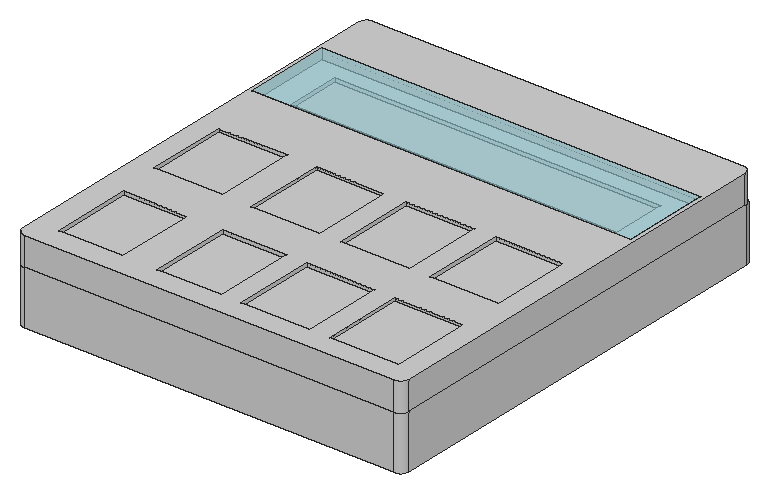
Revit family "Building-QuadriIEC309-GEWISS-68QDIN-QUADRI-PRESE-20MOD_8PRESE", category Apparecchi elettrici, host Superficie, Revit 2019
Family settings
  Host = Superficie
  Mantenere orientamento annotazione = Sì
  Quota connettore circolare = Usa diametro
  Tipo di parte = Normale
  Taglio con vuoti quando caricato = No
  Condiviso = No
  Punto di calcolo locali = Sì
Parameters (values of type "GW68013N - Q-DIN 20M 8FLANGE PR.16/32A IP65")
  visibilita posizionamento 2d [instance] = yes
  simbolo 2d [instance] = yes
  oggetto in pianta [instance] = not(visibilita posizionamento 2d)  # no
  distanza_simbolo [instance] = 0.1 mm
  bordo acceso [instance] = yes
  Visibilità sportello [instance] = yes
  Versione file RFA = "21.5"
  VETRO = Vetro
  URL = "https://www.gewiss.com/it/it"
  Tipologia di installazione = "Da parete"
  Tipo versione = "Vuoto"
  Termopressione con biglia = "70 °C"
  Temperatura di utilizzo = "-25 +40 °C"
  Spostamento_effettivo_S [instance] = 4000 mm - Spostamento_S  # 3000 mm
  Spostamento_S = 1000 mm
  Simbolo_quadro [instance] = not(simbolo 2d)  # no
  Scheda Tecnica = "https://www.gewiss.com/it/it/search?q=GW68013N"
  STRUTTURA ALTA = Poche
  STRUTTURA = RAL - 7035
  SEO = "Quadretto"
  Resistenza agli urti = "IK08"
  Default Elevation = 1219.2 mm
  Produttore = "GEWISS S.p.A."
  Potenza dissipabile B (W) = "92"
  Potenza dissipabile A (W) = "30"
  PRESA = rosso
  POMELLO = bianco
  N_Moduli = 20 mm
  N. prese alloggiabili = "8 IEC 309 16/32 A IP44/67"
  N. mod. EN 50022 = "20"
  N. coperchi ciechi in dotazione = "2 IEC 16/32 A"
  Modello = "GW68013N"
  L_Moduli = N_Moduli * 19  # 380 mm
  Immagine tipo = GW68013N.jpg
  IDT = "3b58a0f8-96cf-43f3-8e98-bcad634a41cb"
  IDF = "d9efa6a9-06b7-4b9e-bedb-9bde757b1bb5"
  Grado di protezione = "IP65"
  Glow Wire Test = "650°C"
  Descrizione = "Q-DIN 20M 8FLANGE PR.16/32A IP65"
  Creato da GEWISS S.p.A. = ""
  ConformitÃ  normativa = "EN 60208 - EN 60670-1 - IEC 60670-24"
  Colore = "Grigio RAL 7035"
  Codice Electrocod = "2242"
  Codice EAN = "8011564744905"
  Classe isolamento = "II"
  Catalogo Serie = "68 QDIN"
  Catalogo = "BUILDING"
  COBie.Tagnumber = ""
  COBie.CreatedOn = ""
  COBie.CreatebBy = ""
  COBie.ComponentRegisterItemID = ""
  COBie.Component.TagNumber = ""
  COBie.Component.Space = ""
  COBie.Component.SerialNumber = ""
  COBie.Component.InstallationDate = ""
  COBie.Component.Description = ""
  COBie.Component.BarCode = ""
Reference planes
  plane 1 "Centro (Fronte/Retro)": y = 0
  plane 2: z = 0
  plane 3 "Centro (Sinistra/Destra)": x = 0
  plane 4: x = -3000
  plane 5: x = 0
Forms (mm)
  Extrusion 1, solid, detail levels coarse
    sketch origin (0, 0, 0) x (1, 0, 0) y (0, 1, 0)
      loop
        line (-225, 0) -> (225, 0) -> (225, 509) -> (-225, 509) -> (-225, 0)
    from 0 to 96
Lines and regions (mm)
  Masking region 1, visible <- "visibilita posizionamento 2d"
    outline origin (0, 0, 0) x (1, 0, 0) y (0, 0, 1)
      loop
        line (-225, 0) -> (223.1, 0) -> (223.1, 96) -> (-225, 96) -> (-225, 0)
Dimensions and locks
  plane 4 to plane 3 "Centro (Sinistra/Destra)" = 3000 mm
  "Spostamento_effettivo_S": plane 4 to plane 5
  plane 3 "Centro (Sinistra/Destra)" to Extrusion 1 = 225 mm
  aligned and locked: plane 2 to host face
  aligned and locked: level to host face
  aligned and locked: nested 1 to plane 5
  aligned and locked: nested 3 to plane 5
  aligned and locked: nested 2 to plane 5
  aligned and locked: plane 1 "Centro (Fronte/Retro)" to nested 2
  aligned and locked: plane 3 "Centro (Sinistra/Destra)" to nested 2
  aligned and locked: Masking region 1 to nested 2  (x2)
Automatic sketch dimensions
  host sketch curve to host sketch curve = 2438.4 mm  (x2)
  Masking region 1 sketch curve to level = 0 mm
  Masking region 1 sketch curve to plane 3 "Centro (Sinistra/Destra)" = 225 mm
  plane 3 "Centro (Sinistra/Destra)" to Masking region 1 sketch curve = 223.1 mm
  Masking region 1 sketch curve to Masking region 1 sketch curve = 96 mm
  plane 1 "Centro (Fronte/Retro)" to Extrusion 1 sketch curve = 0 mm
  Extrusion 1 sketch curve to plane 3 "Centro (Sinistra/Destra)" = 225 mm
  plane 3 "Centro (Sinistra/Destra)" to Extrusion 1 sketch curve = 225 mm
  Extrusion 1 sketch curve to Extrusion 1 sketch curve = 509 mm
Nested families
  nested 1: "CENTRALINO" at (0, 737.795, 0), BORDO ACCESO <- "bordo acceso", SIMBOLO ACCESO <- "simbolo 2d", Distanza dal muro <- "distanza_simbolo", visible <- "simbolo 2d", type "CENTRALINO"
    with SIMBOLO ACCESO yes, Distanza dal muro 0.1 mm, BORDO ACCESO yes
  nested 2: "68QDIN20 QUADRO DISTRIBUZ X 8 PRESE IND_BASE" at (0, 317, 0), Visibilita sportello <- "Visibilità sportello", type "68QDIN20 QUADRO DISTRIBUZ X 8 PRESE IND_BASE", detail levels medium+fine
  nested 3: "simb_CENTRALINO_BASE_cad pro" at (0, 737.795, 0), Distanza dal muro <- "distanza_simbolo", visible <- "Simbolo_quadro", SIMBOLO ACCESO <- "Simbolo_quadro", type "simb_CENTRALINO_BASE_cad pro"
    with SIMBOLO ACCESO no, Distanza dal muro 0.1 mm, BORDO ACCESO yes
Definition of nested family "68QDIN20 QUADRO DISTRIBUZ X 8 PRESE IND_BASE"
  Parameters (values of type "68QDIN20 QUADRO DISTRIBUZ X 8 PRESE IND_BASE")
    n_moduli = 380 mm
    h_moduli = 64 mm
    Visibilita sportello [instance] = yes
    Vetro = none
    Struttura = none
    Spessore = 96 mm
    Default Elevation = 14 mm
    Presa = none
    Larghezza = 450 mm
    IFC.TypeObject = ""
    IFC.ExportType = ""
    IFC.ExportAs = ""
    H_da terra = 589.057 mm
    COBie.CreatedOn = ""
    COBie.CreatebBy = ""
    COBie.ComponentRegisterItemID = ""
    COBie.Component.TagNumber = ""
    COBie.Component.Space = ""
    COBie.Component.SerialNumber = ""
    COBie.Component.InstallationDate = ""
    COBie.Component.Description = ""
    COBie.Component.BarCode = ""
    Altezza scatole = 350 mm
    Altezza quadro = 150 mm
    Altezza = 258 mm
  Reference planes
    plane 1 "Centro (Fronte/Retro)": y = 0
    plane 2: z = 0
    plane 3 "Centro (Sinistra/Destra)": x = 0
    plane 4: z = 69.589
    plane 5: z = 115.626
    plane 6: z = 63
    plane 7: x = -225
    plane 8: x = 225
    plane 9: x = -221
    plane 10: x = 221
    plane 11: y = 123.21
    plane 12: y = 21.246
    plane 13: y = 0
    plane 14: y = -146
    plane 15: y = -51
    plane 16: y = -317
    plane 17: y = 192
    plane 18: z = 58
    plane 19: y = 103
    plane 20: y = 39
    plane 21: z = 92.059
    plane 22: z = 96
    plane 23 "posizionamento moduli": z = 84.734
    plane 24: z = 80.558
    plane 25: y = 71
    plane 26: x = 223.1
    plane 27: y = -196.2
    plane 28: x = -206
    plane 29: x = 206
    plane 30: x = 201
    plane 31: y = -291.2
    plane 32: x = -190
    plane 33: x = 190
  Forms (mm)
    Extrusion 1, solid, material <- "Struttura"
      sketch origin (0, -857.311, 0) x (1, 0, 0) y (0, 1, 0)
        loop
          arc (-215, 1049.311) -> (-222.071, 1046.382) -> (-225, 1039.311) r 10
          line (-225, 1039.311) -> (-225, 550.311)
          arc (-225, 550.311) -> (-222.071, 543.24) -> (-215, 540.311) r 10
          line (-215, 540.311) -> (215, 540.311)
          arc (215, 540.311) -> (222.071, 543.24) -> (225, 550.311) r 10
          line (225, 550.311) -> (225, 1039.311)
          arc (225, 1039.311) -> (222.071, 1046.382) -> (215, 1049.311) r 10
          line (215, 1049.311) -> (-215, 1049.311)
      from 63 to 96
    Extrusion 2, solid, material <- "Struttura"
      sketch origin (0, -857.311, 0) x (1, 0, 0) y (0, 1, 0)
        loop
          line (217.45, 1049.311) -> (-221.38, 1049.311)
          arc (-221.38, 1049.311) -> (-223.94, 1048.251) -> (-225, 1045.691) r 3.62
          line (-225, 1045.691) -> (-225, 550.311)
          arc (-225, 550.311) -> (-222.071, 543.24) -> (-215, 540.311) r 10
          line (-215, 540.311) -> (215, 540.311)
          arc (215, 540.311) -> (222.071, 543.24) -> (225, 550.311) r 10
          line (225, 550.311) -> (225, 1041.76)
          arc (225, 1041.76) -> (222.789, 1047.099) -> (217.45, 1049.311) r 7.55
      from 0 to 63
    Extrusion 3, void
      sketch origin (0, -857.311, 0) x (1, 0, 0) y (0, 1, 0)
        loop
          line (-221, 980.52) -> (-221, 878.557) -> (221, 878.557) -> (221, 980.52) -> (-221, 980.52)
      from 69.589 to 96
    Extrusion 4, solid, material <- "Vetro", visible <- "Visibilita sportello", detail levels fine
      sketch origin (0, -857.311, 0) x (1, 0, 0) y (0, 1, 0)
        loop
          line (-221, 980.52) -> (-221, 878.557) -> (221, 878.557) -> (221, 980.52) -> (-221, 980.52)
      from 92.059 to 96
    Extrusion 5, void
      sketch origin (0, 0, 0) x (1, 0, 0) y (0, 1, 0)
        loop
          line (-190, 39) -> (190, 39) -> (190, 103) -> (-190, 103) -> (-190, 39)
      from 80.558 to 84.734
    Extrusion 6, solid
      sketch origin (0, 0, 0) x (1, 0, 0) y (0, 1, 0)
        loop
          line (-221, 123.21) -> (-221, 21.246) -> (221, 21.246) -> (221, 123.21) -> (-221, 123.21)
      from 80.558 to 84.734
    Extrusion 7, void
      sketch origin (0, 0, 84.734) x (0, -1, 0) y (1, 0, 0)
        loop
          line (51, -87.5) -> (146, -87.5) -> (146, -7.5) -> (51, -7.5) -> (51, -87.5)
        loop
          line (146, 16.75) -> (146, 96.75) -> (51, 96.75) -> (51, 16.75) -> (146, 16.75)
        loop
          line (51, 121) -> (146, 121) -> (146, 201) -> (51, 201) -> (51, 121)
        loop
          line (51, -201) -> (146, -201) -> (146, -121) -> (51, -121) -> (51, -201)
      from 7.325 to 11.266
    Extrusion 8, void
      sketch origin (0, -126, 84.734) x (0, -1, 0) y (1, 0, 0)
        loop
          line (70.2, -81) -> (165.2, -81) -> (165.2, -6) -> (70.2, -6) -> (70.2, -81)
        loop
          line (165.2, 17) -> (165.2, 97) -> (70.2, 97) -> (70.2, 17) -> (165.2, 17)
        loop
          line (70.2, 120) -> (165.2, 120) -> (165.2, 200) -> (70.2, 200) -> (70.2, 120)
        loop
          line (70.2, -196) -> (165.2, -196) -> (165.2, -121) -> (70.2, -121) -> (70.2, -196)
      from 7.325 to 11.266
  Cuts and joins
    Extrusion 3, Extrusion 7, Extrusion 8 cuts Extrusion 1
    Extrusion 5 cuts Extrusion 6
    Extrusion 5 cuts Extrusion 4
  Lines and regions (mm)
    model lines
      curve 1: line (-177.5, 71, 84.734) -> (182.5, 71, 84.734)
  Dimensions and locks
    plane 4 to plane 5 = 46.036 mm
    locked: plane 7 to plane 9 at 4
    locked: plane 10 to plane 8 at 4
    equal spacing: plane 7, plane 3 "Centro (Sinistra/Destra)", plane 8
    "Larghezza": plane 7 to plane 8
    plane 13 to plane 15 = 51 mm
    plane 1 "Centro (Fronte/Retro)" to plane 17 = 192 mm
    plane 16 to plane 13 = 317 mm
    plane 12 to plane 1 "Centro (Fronte/Retro)" = 21.246 mm
    plane 11 to plane 17 = 68.79 mm
    locked: plane 6 to plane 18 at 5
    "h_moduli": plane 19 to plane 20
    locked: plane 22 to plane 21 at 3.941
    plane 6 to plane 2 = 63 mm
    locked: plane 21 to plane 23 "posizionamento moduli" at 7.325
    locked: plane 23 "posizionamento moduli" to plane 24 at 4.176
    equal spacing: plane 19, plane 25, plane 20
    locked: plane 26 to plane 8 at 1.9
    plane 15 to plane 14 = 95 mm
    plane 27 to plane 14 = 50.2 mm
    plane 7 to plane 8 = 450 mm
    plane 16 to plane 17 = 509 mm
    cut or joined group of Extrusion 1, Extrusion 3, Extrusion 7, Extrusion 8 to cut or joined group of Extrusion 1, Extrusion 3, Extrusion 7, Extrusion 8 = 24 mm
    cut or joined group of Extrusion 1, Extrusion 3, Extrusion 7, Extrusion 8 to Extrusion 7 sketch curve = 24 mm
    Extrusion 7 sketch curve to Extrusion 7 sketch curve = 24.25 mm  (x2)
    plane 27 to plane 31 = 95 mm
    equal spacing: plane 32, plane 3 "Centro (Sinistra/Destra)", plane 33
    "n_moduli": plane 32 to plane 33
    radius of Extrusion 2 sketch curve = 10 mm  (x2)
    radius of Extrusion 2 sketch curve = 3.62 mm
    radius of Extrusion 2 sketch curve = 7.55 mm
    radius of Extrusion 1 sketch curve = 10 mm  (x4)
    aligned and locked: level to plane 2
    aligned and locked: cut or joined group of Extrusion 1, Extrusion 3, Extrusion 7, Extrusion 8 to plane 4
    aligned and locked: plane 7 to Extrusion 2 sketch curve
    aligned and locked: plane 8 to Extrusion 2 sketch curve
    aligned and locked: plane 8 to Extrusion 1 sketch curve
    aligned and locked: plane 7 to Extrusion 1 sketch curve
    aligned and locked: Extrusion 4 sketch curve to plane 9
    aligned and locked: Extrusion 4 sketch curve to plane 10
    aligned and locked: Extrusion 3 sketch curve to plane 9
    aligned and locked: Extrusion 3 sketch curve to plane 10
    aligned and locked: Extrusion 4 sketch curve to plane 11
    aligned and locked: Extrusion 4 sketch curve to plane 12
    aligned and locked: Extrusion 3 sketch curve to plane 11
    aligned and locked: Extrusion 3 sketch curve to plane 12
    aligned and locked: plane 16 to Extrusion 2 sketch curve
    aligned and locked: plane 1 "Centro (Fronte/Retro)" to plane 13
    aligned and locked: plane 17 to Extrusion 1 sketch curve
    aligned and locked: Extrusion 5 sketch curve to plane 19
    aligned and locked: Extrusion 5 sketch curve to plane 20
    aligned and locked: plane 23 "posizionamento moduli" to Extrusion 5
    aligned and locked: Extrusion 5 to plane 24
    aligned and locked: Extrusion 6 sketch curve to plane 11
    aligned and locked: Extrusion 6 sketch curve to plane 12
    aligned and locked: Extrusion 6 to plane 24
    aligned and locked: plane 23 "posizionamento moduli" to Extrusion 6
    aligned and locked: Extrusion 6 sketch curve to Extrusion 4  (x2)
    aligned and locked: curve 1 to plane 25
    aligned and locked: plane 16 to Extrusion 1 sketch curve
    aligned and locked: Extrusion 2 sketch curve to plane 17
    aligned and locked: Extrusion 7 sketch curve to plane 15
    aligned and locked: Extrusion 1 to Extrusion 7
    aligned and locked: Extrusion 7 to plane 21
    aligned and locked: Extrusion 7 sketch curve to plane 14  (x3)
    aligned and locked: Extrusion 8 sketch curve to plane 31  (x4)
    aligned and locked: Extrusion 5 sketch curve to plane 32
    aligned and locked: Extrusion 5 sketch curve to plane 33
  Automatic sketch dimensions
    Extrusion 7 sketch curve to plane 15 = 0 mm  (x2)
    plane 15 to Extrusion 7 sketch curve = 0 mm
    Extrusion 7 sketch curve to plane 14 = 0 mm
    Extrusion 7 sketch curve to plane 3 "Centro (Sinistra/Destra)" = 7.5 mm
    plane 29 to Extrusion 7 sketch curve = 5 mm
    plane 27 to Extrusion 8 sketch curve = 0 mm  (x4)
    plane 29 to Extrusion 8 sketch curve = 6 mm
    Extrusion 8 sketch curve to plane 3 "Centro (Sinistra/Destra)" = 6 mm
    plane 28 to Extrusion 8 sketch curve = 10 mm
    plane 3 "Centro (Sinistra/Destra)" to Extrusion 8 sketch curve = 17 mm
    Extrusion 8 sketch curve to Extrusion 8 sketch curve = 23 mm
    Extrusion 7 sketch curve to Extrusion 7 sketch curve = 80 mm  (x2)
    Extrusion 8 sketch curve to Extrusion 8 sketch curve = 80 mm
    Extrusion 7 sketch curve to Extrusion 7 sketch curve = 33.5 mm
    Extrusion 8 sketch curve to Extrusion 8 sketch curve = 75 mm
    Extrusion 8 sketch curve to Extrusion 8 sketch curve = 40 mm
    curve 1 to plane 32 = 12.5 mm
    plane 33 to curve 1 = 7.5 mm
Definition of nested family "CENTRALINO"
  Parameters (values of type "CENTRALINO")
    SIMBOLO ACCESO [instance] = yes
    Distanza dal muro [instance] = 0 mm
    BORDO ACCESO [instance] = yes
  Reference planes
    plane 1: y = 0
    plane 2: x = 0
  Dimensions and locks
    "Distanza dal muro": plane 1 to nested 1
    aligned and locked: plane 2 to nested 1
  Nested families
    nested 1: "CENTRALINO_BASE" at (0, 0, 0), BORDO ACCESO <- "BORDO ACCESO", visible <- "SIMBOLO ACCESO", type "CENTRALINO"
      with BORDO ACCESO yes
  Definition of nested family "CENTRALINO_BASE"
    Parameters (values of type "CENTRALINO")
      Distanza dal muro = 0 mm
      BORDO ACCESO [instance] = yes
    Reference planes
      plane 1: y = 0
      plane 2: x = 0
    Lines and regions (mm)
      detail lines, visible <- "BORDO ACCESO", not visible
        curve 1: line (-2.443, 10.208, 0) -> (2.057, 10.208, 0)
        curve 2: line (2.057, 10.208, 0) -> (2.057, 4.208, 0)
        curve 3: line (2.057, 4.208, 0) -> (-2.443, 4.208, 0)
        curve 4: line (-2.443, 4.208, 0) -> (-2.443, 10.208, 0)
        curve 5: line (-2.043, 9.808, 0) -> (1.657, 9.808, 0)
        curve 6: line (1.657, 9.808, 0) -> (1.657, 4.608, 0)
        curve 7: line (1.657, 4.608, 0) -> (-2.043, 4.608, 0)
        curve 8: line (-2.043, 4.608, 0) -> (-2.043, 9.808, 0)
      detail lines
        curve 9: line (0, 0.671, 0) -> (0, 0, 0)
        curve 10: line (0.659, 0.671, 0) -> (0.659, 1.33, 0)
        curve 11: line (0.659, 1.33, 0) -> (-0.659, 1.33, 0)
        curve 12: line (-0.659, 1.33, 0) -> (-0.659, 0.671, 0)
        curve 13: line (-0.659, 0.671, 0) -> (0.659, 0.671, 0)
        curve 14: line (0.497, 1.33, 0) -> (0.497, 2, 0)
        curve 15: line (0.167, 1.33, 0) -> (0.167, 2, 0)
        curve 16: line (-0.162, 1.33, 0) -> (-0.162, 2, 0)
        curve 17: line (-0.491, 1.33, 0) -> (-0.491, 2, 0)
Definition of nested family "simb_CENTRALINO_BASE_cad pro"
  Parameters (values of type "simb_CENTRALINO_BASE_cad pro")
    SIMBOLO ACCESO [instance] = yes
    Distanza dal muro [instance] = 0 mm
    BORDO ACCESO [instance] = yes
  Reference planes
    plane 1: y = 0
    plane 2: x = 0
  Dimensions and locks
    "Distanza dal muro": plane 1 to nested 1
    aligned and locked: plane 2 to nested 1
  Nested families
    nested 1: "CENTRALINO_BASE_cad pro" at (0, 0, 0), type "CENTRALINO"
  Definition of nested family "CENTRALINO_BASE_cad pro"
    Parameters (values of type "CENTRALINO")
      Distanza dal muro = 0 mm
    Reference planes
      plane 1: y = 0
      plane 2: x = 0
    Lines and regions (mm)
      detail lines
        curve 1: line (1.33, 1.33, 0) -> (2.109, 1.33, 0)
        curve 2: line (2.109, 1.33, 0) -> (2.109, 0, 0)
        curve 3: line (2.109, 0, 0) -> (1.33, 0, 0)
        curve 4: line (1.33, 0, 0) -> (-1.33, 1.33, 0)
        curve 5: line (-1.33, 1.33, 0) -> (1.33, 1.33, 0)
        curve 6: line (1.33, 1.33, 0) -> (1.33, 0, 0)
        curve 7: line (1.33, 0, 0) -> (-1.33, 0, 0)
        curve 8: line (-1.33, 0, 0) -> (-1.33, 1.33, 0)
        curve 9: line (1.461, 0.665, 0) -> (1.977, 0.665, 0)
        curve 10: line (1.719, 0.665, 0) -> (1.719, 1.01, 0)
        curve 11: arc (1.977, 0.406, 0) -> (1.719, 0.665, 0) -> (1.461, 0.406, 0) r 0.258
